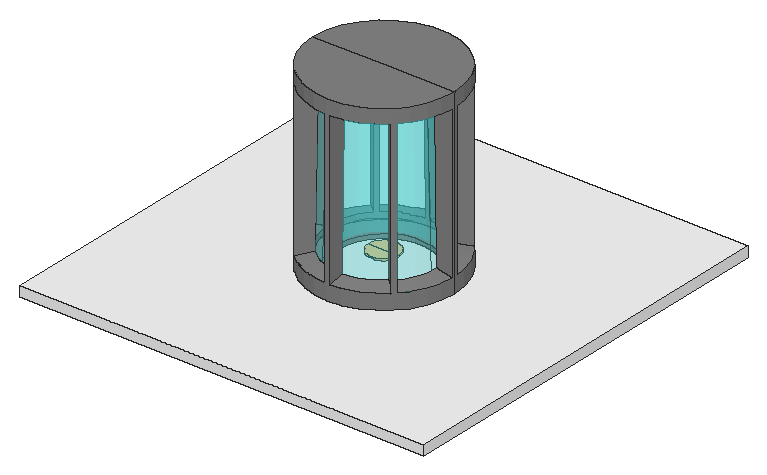
Revit family "BE_84682_de_DE", category Leuchten, Revit 2020
Family settings
  Basisbauteil = Fläche
  Bemaßung runder Anschluss = Durchmesser verwenden
  Teiletyp = Normal
  Beim Laden mit Abzugskörper schneiden = Ja
  Lichtquelle = Ja
  Gemeinsam genutzt = Nein
  Raumberechnungspunkt = Ja
Parameters (values of type "BEGA_84682_Grafit_K4")
  built-in parameter 1150104 = 10.013 (stored number, unit not read)
  Wattage = 9 W
  Default Elevation = 0 mm
  built-in parameter 1150113 = 1 (stored number, unit not read)
  built-in parameter 1114218 = 1 (stored number, unit not read)
  Umgebungstemperatur = "25 °C"
  URL = "https://www.bega.com/de/produkt/84682"
  Typenkommentare = "© 2022 BEGA. Wir behalten uns das Recht vor, technische Änderungen ohne vorherige Ankündigung vorzunehmen."  # constant formula
  Type Image = 84682.png
  built-in parameter 1150134 = 12
  built-in parameter 1150109 = 1 (stored number, unit not read)
  Strom = ""
  built-in parameter 1150110 = 1 (stored number, unit not read)
  Spannung = 239.996 V
  Sonderanfertigung = no
  Seriennummer [instance] = "Hier können Sie die eindeutige Seriennummer für das Facility Management eintragen."
  Schutzklasse = "I"
  Schutzart = "IP 65"
  Scheinlast = 0 VA
  Produktdatenblatt = "https://cdn.bega.com/bega/products/84682K4/current/documents/data-sheets/de"
  Oberflächentemperatur = ""
  Neigungswinkel = 0.00°
  Modell = "84682K4"
  Material_18 = BEGA_Gummi_schwarz
  Material_17 = BEGA_Reflektor
  Material_15 = BEGA_Leuchtmedium_matt
  Material_11 = BEGA_Glas_opal
  Material_09 = BEGA_Glas_klar
  Material_06 = BEGA_Oberfläche_Edelstahl_gebürstet
  Material_03 = BEGA_Oberfläche_Weiss_matt
  Material_02 = BEGA_Oberfläche_Silber_matt
  Material_01 [instance] = BEGA_Oberfläche_Grafit_matt
  M_W = no
  M_G = yes
  M_A = no
  Logo = 0
  built-in parameter 1114217 = 1 (stored number, unit not read)
  built-in parameter 1150139 = (empty or 0)
  built-in parameter 1150105 = 77.192 (stored number, unit not read)
  built-in parameter 1150114 = 1 (stored number, unit not read)
  Lumens = 970.02 lm
  built-in parameter 1150115 = 1 (stored number, unit not read)
  Leuchtenlichtstrom = "492 lm"
  Leuchtenanzahl = ""
  Lebensdauerkriterien = "L70B50 @ 25 °C = 200000 h"
  Lastklassifizierung = Beleuchtung
  built-in parameter 1150112 = 1 (stored number, unit not read)
  Lampenlichtstrom = "1095 lm"
  Lampe = "LED 5.9 W"
  LED_Modulbezeichnung = "LED-0557/840"
  built-in parameter 1150142 = (empty or 0)
  Hersteller = "BEGA"  # constant formula
  Halbstreuwinkel = ""
  Gewicht = "2.7 kg"
  Gebrauchslageneinschränkung [instance] = ""
  Frequenz = "0/50-60 Hz"
  Farbwiedergabeindex = "CRI > 80"
  Farbtemperaturverschiebung bei Dämpfen der Lampe = <Keine Auswahl>
  Farbtemperatur = "4000 K"
  Color Filter = 16777215
  built-in parameter 1150133 = 10 (stored number, unit not read)
  Energieeffizienzklasse = "LED A++ - A"
  built-in parameter 1150137 = (empty or 0)
  built-in parameter 1150132 = (empty or 0)
  ENEC = "ja"
  Dimmbar [instance] = "on/off"
  Datei für fotometrisches Netz = "BE_84682K4.IES"
  CE_Konformität = "ja"
  Bestellnummer = "84682K4"
  Beschreibung_Sonderanfertigung = "Hier können Sie Informationen zur Sonderanfertigung eintragen."
  Beschreibung = "Pollerleuchtenkopf"
  built-in parameter 1150106 = 0.77192 (stored number, unit not read)
  Befestigungsbohrung = ""
  Befestigungsabstand = ""
  Ballwurfsicher = ""
  BEGA_Intern_aus = yes
  BEGA_Intern_an = yes
  BEGA_Intern_Konstruktion = yes
  BEGA_Intern = yes
  BEGA_IES = yes
  BEGA_Dummy = no
  Anschlussleitung = "1.0 m H05VV-F 3 G 1²"
  Anschlussleistung [instance] = "7 W"
  built-in parameter 1150107 = 4000 (stored number, unit not read)
  built-in parameter 1150102 = (empty or 0)
  built-in parameter 1150138 = (empty or 0)
  Aktualisierung = "2022-05-19T04:00:07"
  Abstand_zur_angestrahlten_Fläche [instance] = ""
  AC/DC = "AC/DC"
Types (4, lengths in mm): name | built-in parameter 1150104 | built-in parameter 1150134 | Modell | M_G | M_A | built-in parameter 1150105 | Lumens | Leuchtenlichtstrom | Lampenlichtstrom | LED_Modulbezeichnung | Farbtemperatur | Datei für fotometrisches Netz | Bestellnummer | built-in parameter 1150106 | built-in parameter 1150107
  BEGA_84682_Silber_K4 | 10.013 (stored number, unit not read) | 12 | "84682AK4" | no | yes | 77.192 (stored number, unit not read) | 970.02 lm | "492 lm" | "1095 lm" | "LED-0557/840" | "4000 K" | "BE_84682K4.IES" | "84682AK4" | 0.77192 (stored number, unit not read) | 4000 (stored number, unit not read)
  BEGA_84682_Silber_K3 | 9.4455 (stored number, unit not read) | (empty or 0) | "84682AK3" | no | yes | 72.816 (stored number, unit not read) | 915.03 lm | "486 lm" | "1080 lm" | "LED-0557/830" | "3000 K" | "BE_84682K3.IES" | "84682AK3" | 0.72816 (stored number, unit not read) | 3000 (stored number, unit not read)
  BEGA_84682_Grafit_K4 | 10.013 (stored number, unit not read) | 12 | "84682K4" | yes | no | 77.192 (stored number, unit not read) | 970.02 lm | "492 lm" | "1095 lm" | "LED-0557/840" | "4000 K" | "BE_84682K4.IES" | "84682K4" | 0.77192 (stored number, unit not read) | 4000 (stored number, unit not read)
  BEGA_84682_Grafit_K3 | 9.4455 (stored number, unit not read) | (empty or 0) | "84682K3" | yes | no | 72.816 (stored number, unit not read) | 915.03 lm | "486 lm" | "1080 lm" | "LED-0557/830" | "3000 K" | "BE_84682K3.IES" | "84682K3" | 0.72816 (stored number, unit not read) | 3000 (stored number, unit not read)
Reference planes
  plane 1 "Mitte (Vorne/Hinten)": y = 0
  plane 2: z = 0
  plane 3 "Mitte (Links/Rechts)": x = 0
  plane 4 "Links": x = -70
  plane 5 "Rechts": x = 70
  plane 6 "Unten": y = -69.957
  plane 7 "Oben": y = 69.957
  plane 8 "Vorne": z = 178.7
  plane 9 "Hinten": z = -135.769
Forms (mm)
  Extrusion 1, solid, material "BEGA_Platte_Weiss"
    sketch origin (0, -1119.2, 0) x (1, 0, 0) y (0, 1, 0)
      loop
        line (-200, 1319.2) -> (-200, 919.2) -> (200, 919.2) -> (200, 1319.2) -> (-200, 1319.2)
    from 0 to -10
  Extrusion 2, solid, material "BEGA_Dummy_matt", visible <- "BEGA_Dummy"
    sketch origin (77.149, -76.023, 0) x (1, 0, 0) y (0, 1, 0)
      loop
        circle (-77.149, 76.023) r 70
    from 0 to 178.7
Dimensions and locks
  plane 1 "Mitte (Vorne/Hinten)" to Extrusion 1 = 200 mm
  aligned and locked: plane 2 to Extrusion 1
  aligned and locked: level to Extrusion 1
Nested families
  nested 1: "BE_84682" at (0, 0, 0), type "BE_84682"
Connectors
  electrical at (0, 0, 0), driven by "Lastklassifizierung", driven by "Spannung", driven by "Scheinlast"
    settings: index 1, voltage 239.996 V, apparent load 0 VA, apparent load phase1 0 VA, apparent load phase2 0 VA, apparent load phase3 0 VA, power factor 1, load classification "Beleuchtung", number of poles 1, system type 31, power factor state 1, is connector primary yes, connector utility no, sub classification motor no, connector description ""
Definition of nested family "BE_84682"
  Parameters (values of type "BE_84682")
    Default Elevation = 1 mm
    URL = "http://www.bega.de/de/produkt"
    Type Comments = "© 2015 BEGA. Wir behalten uns das Recht vor, technische Änderungen ohne vorherige Ankündigung vorzunehmen. "  # constant formula
    Type Image = (empty or 0)
    Material_18 = none
    Material_17 = none
    Material_15 = none
    Material_11 = none
    Material_09 = none
    Material_06 = none
    Material_03 = none
    Material_02 = none
    Material_01 = none
    M_W = yes
    M_G = yes
    M_A = yes
    Länge_Platte = 200 mm  # constant formula
    Höhe_Platte = -10 mm  # constant formula
    Manufacturer = "BEGA"  # constant formula
    Breite_Platte = 200 mm  # constant formula
  Reference planes
    plane 1 "Mitte (Oben/Unten)": y = 0
    plane 2: z = 0
    plane 3 "Mitte (Links/Rechts)": x = 0
    plane 4 "Links": x = -70
    plane 5 "Unten": y = -69.957
    plane 6: x = 70
    plane 7: z = -135.769
    plane 8: z = 178.7
    plane 9: y = 69.957
  Forms (mm)
    Extrusion 1, solid, detail levels medium
      sketch origin (0, 0, 0) x (1, 0, 0) y (0, 1, 0)
        loop
          line (-100, 100) -> (-100, -100) -> (100, -100) -> (100, 100) -> (-100, 100)
      from 0 to -10 <- "Höhe_Platte"
    Revolve 2, solid, material <- "Material_01", detail levels medium+fine
      sketch origin (0, 0, 0) x (1, 0, 0) y (0, 0, 1)
        loop
          line (-13.727, -128.572) -> (-11.6, -129.669) -> (-11.6, -130.769)
          arc (-11.6, -130.769) -> (-10.136, -134.304) -> (-6.6, -135.769) r 5
          line (-6.6, -135.769) -> (0, -135.769) -> (0, -98.5) -> (-13.485, -98.5) -> (-13.485, -111.5) -> (-9.6, -111.5) -> (-9.6, -117.669) -> (-13.867, -117.669) -> (-13.868, -128.501)
        axis (0, -98.5) -> (0, -135.769)
      angle from 0 to 360
    Revolve 3, solid, material <- "Material_01", visible <- "M_G", detail levels medium+fine
      sketch origin (0, 0, 0) x (1, 0, 0) y (0, 0, 1)
        loop
          line (-33.8, -57.5) -> (-29.3, -57.5) -> (-28.596, -97.842)
          arc (-28.596, -97.842) -> (-27.849, -99.583) -> (-26.096, -100.3) r 2.5
          line (-26.096, -100.3) -> (0, -100.3) -> (0, -98.5) -> (-24.749, -98.5)
          arc (-24.749, -98.5) -> (-26.151, -97.926) -> (-26.749, -96.535) r 2
          line (-26.749, -96.535) -> (-27.5, -53.5) -> (-33.87, -53.5) -> (-33.8, -57.5)
        axis (0, -100.3) -> (0, -53.5)
      angle from 0 to 360
    Revolve 4, solid, material <- "Material_01", visible <- "M_G", detail levels medium+fine
      sketch origin (0, 0, 0) x (1, 0, 0) y (0, 0, 1)
        loop
          line (-66.8, 0) -> (-64.788, -0.07) -> (-63.389, -8) -> (-57, -8.223) -> (-57, -26.7) -> (-60, -29.7) -> (-60, -32.2) -> (-46.792, -32.2) -> (-46.446, -42.098)
          arc (-46.446, -42.098) -> (-46.236, -42.929) -> (-45.698, -43.595) r 2
          line (-45.698, -43.595) -> (-43.935, -45) -> (-32.5, -45) -> (-32.203, -53.5) -> (-29.5, -53.5) -> (-28.688, -38) -> (-42.929, -38) -> (-44.395, 4) -> (-66.8, 4) -> (-66.8, 0)
        axis (0, -53.5) -> (0, 4)
      angle from 0 to 360
    Revolve 5, solid, material <- "Material_01", visible <- "M_G", detail levels medium+fine
      sketch origin (0, 0, 0) x (1, 0, 0) y (0, 0, 1)
        loop
          line (-67.162, 12.2) -> (-54.1, 12.2) -> (-51.264, 174.7) -> (0, 174.7) -> (0, 178.7) -> (-70, 178.7) -> (-70, 0) -> (-67.375, 0) -> (-67.162, 12.2)
        axis (0, 0) -> (0, 178.7)
      angle from 0 to 360
    Revolve 6, void
      sketch origin (0, 0, 0) x (1, 0, 0) y (0, 0, 1)
        loop
          line (-70, 14.991) -> (-54.002, 17.812) -> (-51.484, 162.059) -> (-70, 164.991) -> (-70, 14.991)
        axis (0, 164.991) -> (0, 14.991)
      angle from 43 to 2
    Revolve 7, void
      sketch origin (0, 0, 0) x (0.707107, -0.707107, 0) y (0, 0, 1)
        loop
          line (-70, 14.991) -> (-54.002, 17.812) -> (-51.484, 162.059) -> (-70, 164.991) -> (-70, 14.991)
        axis (0, 164.991) -> (0, 14.991)
      angle from 43 to 2
    Revolve 8, void
      sketch origin (0, 0, 0) x (0.707107, 0.707107, 0) y (0, 0, 1)
        loop
          line (-70, 14.991) -> (-54.002, 17.812) -> (-51.484, 162.059) -> (-70, 164.991) -> (-70, 14.991)
        axis (0, 164.991) -> (0, 14.991)
      angle from 43 to 2
    Revolve 9, void
      sketch origin (0, 0, 0) x (0, 1, 0) y (0, 0, 1)
        loop
          line (-70, 14.991) -> (-54.002, 17.812) -> (-51.484, 162.059) -> (-70, 164.991) -> (-70, 14.991)
        axis (0, 164.991) -> (0, 14.991)
      angle from 43 to 2
    Revolve 10, void
      sketch origin (0, 0, 0) x (-0.707107, 0.707107, 0) y (0, 0, 1)
        loop
          line (-70, 14.991) -> (-54.002, 17.812) -> (-51.484, 162.059) -> (-70, 164.991) -> (-70, 14.991)
        axis (0, 164.991) -> (0, 14.991)
      angle from 43 to 2
    Revolve 11, void
      sketch origin (0, 0, 0) x (-1, 0, 0) y (0, 0, 1)
        loop
          line (-70, 14.991) -> (-54.002, 17.812) -> (-51.484, 162.059) -> (-70, 164.991) -> (-70, 14.991)
        axis (0, 164.991) -> (0, 14.991)
      angle from 43 to 2
    Revolve 12, void
      sketch origin (0, 0, 0) x (-0.707107, -0.707107, 0) y (0, 0, 1)
        loop
          line (-70, 14.991) -> (-54.002, 17.812) -> (-51.484, 162.059) -> (-70, 164.991) -> (-70, 14.991)
        axis (0, 164.991) -> (0, 14.991)
      angle from 43 to 2
    Revolve 13, void
      sketch origin (0, 0, 0) x (0, -1, 0) y (0, 0, 1)
        loop
          line (-70, 14.991) -> (-54.002, 17.812) -> (-51.484, 162.059) -> (-70, 164.991) -> (-70, 14.991)
        axis (0, 164.991) -> (0, 14.991)
      angle from 43 to 2
    Revolve 14, solid, material <- "Material_09", detail levels medium+fine
      sketch origin (0, 0, 0) x (1, 0, 0) y (0, 0, 1)
        loop
          arc (-47.544, 173.2) -> (-49.647, 172.34) -> (-50.544, 170.252) r 3
          line (-50.544, 170.252) -> (-53.5, 0.9) -> (-47.5, 0.9) -> (-43.403, 157.357)
          arc (-43.403, 157.357) -> (-41.589, 161.498) -> (-37.403, 163.2) r 6
          line (-37.403, 163.2) -> (0, 163.2) -> (0, 173.2) -> (-47.544, 173.2)
        axis (0, 173.2) -> (0, 0.9)
      angle from 0 to 360
    Revolve 15, solid, material <- "Material_15", detail levels medium+fine
      sketch origin (0, 0, 0) x (1, 0, 0) y (0, 0, 1)
        loop
          line (-15, 14.55) -> (-15, 13.397) -> (0, 13.397) -> (0, 14.55) -> (-15, 14.55)
        axis (0, 14.55) -> (0, 13.397)
      angle from 0 to 360
    Revolve 16, solid, material <- "Material_02", visible <- "M_A", detail levels medium+fine
      sketch origin (0, 0, 0) x (1, 0, 0) y (0, 0, 1)
        loop
          line (-33.8, -57.5) -> (-29.3, -57.5) -> (-28.596, -97.842)
          arc (-28.596, -97.842) -> (-27.849, -99.583) -> (-26.096, -100.3) r 2.5
          line (-26.096, -100.3) -> (0, -100.3) -> (0, -98.5) -> (-24.749, -98.5)
          arc (-24.749, -98.5) -> (-26.151, -97.926) -> (-26.749, -96.535) r 2
          line (-26.749, -96.535) -> (-27.5, -53.5) -> (-33.87, -53.5) -> (-33.8, -57.5)
        axis (0, -100.3) -> (0, -53.5)
      angle from 0 to 360
    Revolve 17, solid, material <- "Material_02", visible <- "M_A", detail levels medium+fine
      sketch origin (0, 0, 0) x (1, 0, 0) y (0, 0, 1)
        loop
          line (-66.8, 0) -> (-64.788, -0.07) -> (-63.389, -8) -> (-57, -8.223) -> (-57, -26.7) -> (-60, -29.7) -> (-60, -32.2) -> (-46.792, -32.2) -> (-46.446, -42.098)
          arc (-46.446, -42.098) -> (-46.236, -42.929) -> (-45.698, -43.595) r 2
          line (-45.698, -43.595) -> (-43.935, -45) -> (-32.5, -45) -> (-32.203, -53.5) -> (-29.5, -53.5) -> (-28.688, -38) -> (-42.929, -38) -> (-44.395, 4) -> (-66.8, 4) -> (-66.8, 0)
        axis (0, -53.5) -> (0, 4)
      angle from 0 to 360
    Revolve 18, solid, material <- "Material_02", visible <- "M_A", detail levels medium+fine
      sketch origin (0, 0, 0) x (1, 0, 0) y (0, 0, 1)
        loop
          line (-67.162, 12.2) -> (-54.1, 12.2) -> (-51.264, 174.7) -> (0, 174.7) -> (0, 178.7) -> (-70, 178.7) -> (-70, 0) -> (-67.375, 0) -> (-67.162, 12.2)
        axis (0, 0) -> (0, 178.7)
      angle from 0 to 360
  Cuts and joins
    Revolve 6, Revolve 7, Revolve 8, Revolve 9, Revolve 10, Revolve 11, Revolve 12, Revolve 13 cuts Revolve 5
    Revolve 6, Revolve 7, Revolve 8, Revolve 9, Revolve 10, Revolve 11, Revolve 12, Revolve 13 cuts Revolve 18
  Dimensions and locks
    equal spacing: Extrusion 1 sketch curve, plane 3 "Mitte (Links/Rechts)", Extrusion 1 sketch curve
    equal spacing: Extrusion 1 sketch curve, plane 1 "Mitte (Oben/Unten)", Extrusion 1 sketch curve
    "Länge_Platte": Extrusion 1 sketch curve to Extrusion 1 sketch curve
    "Breite_Platte": Extrusion 1 sketch curve to Extrusion 1 sketch curve
    aligned and locked: Extrusion 1 to plane 2
    aligned and locked: level to Extrusion 1
  Automatic sketch dimensions
    Revolve 2 sketch curve to plane 3 "Mitte (Links/Rechts)" = 0 mm  (x2)
    Revolve 2 sketch curve to plane 3 "Mitte (Links/Rechts)" = 6.6 mm
    Revolve 2 sketch curve to plane 3 "Mitte (Links/Rechts)" = 9.6 mm
    Revolve 2 sketch curve to Revolve 2 sketch curve = 5 mm
    Revolve 2 sketch curve to Revolve 2 sketch curve = 3.885 mm
    Revolve 2 sketch curve to Revolve 2 sketch curve = 4.267 mm
    Revolve 2 sketch curve to Revolve 2 sketch curve = 1.1 mm
    Revolve 2 sketch curve to Revolve 2 sketch curve = 12 mm
    Revolve 2 sketch curve to Revolve 2 sketch curve = 6.169 mm
    Revolve 2 sketch curve to Revolve 2 sketch curve = 2.127 mm
    Revolve 2 sketch curve to Revolve 2 sketch curve = 0.141 mm
    Revolve 2 sketch curve to Revolve 2 sketch curve = 1.096 mm
    Revolve 2 sketch curve to Revolve 2 sketch curve = 0.071 mm
    Revolve 2 sketch curve to Revolve 2 sketch curve = 2 mm
    Revolve 2 sketch curve to Revolve 2 sketch curve = 0 mm
    Revolve 3 sketch curve to plane 3 "Mitte (Links/Rechts)" = 0 mm  (x2)
    Revolve 3 sketch curve to plane 3 "Mitte (Links/Rechts)" = 24.749 mm
    Revolve 3 sketch curve to Revolve 3 sketch curve = 1.347 mm  (x3)
    Revolve 3 sketch curve to Revolve 3 sketch curve = 0.653 mm
    Revolve 3 sketch curve to plane 3 "Mitte (Links/Rechts)" = 27.5 mm
    Revolve 3 sketch curve to Revolve 3 sketch curve = 1.847 mm
    Revolve 3 sketch curve to Revolve 3 sketch curve = 1.8 mm  (x2)
    Revolve 3 sketch curve to Revolve 3 sketch curve = 4.5 mm
    Revolve 3 sketch curve to Revolve 3 sketch curve = 0.07 mm
    Revolve 3 sketch curve to Revolve 3 sketch curve = 1.265 mm
    Revolve 3 sketch curve to Revolve 3 sketch curve = 39.035 mm
    Revolve 3 sketch curve to Revolve 3 sketch curve = 4 mm
    Revolve 3 sketch curve to Revolve 3 sketch curve = 0 mm  (x4)
    Revolve 4 sketch curve to plane 3 "Mitte (Links/Rechts)" = 0 mm
    Revolve 4 sketch curve to plane 3 "Mitte (Links/Rechts)" = 28.688 mm
    Revolve 4 sketch curve to Revolve 4 sketch curve = 0.812 mm
    Revolve 4 sketch curve to Revolve 4 sketch curve = 2.703 mm
    Revolve 4 sketch curve to Revolve 4 sketch curve = 3.812 mm
    Revolve 4 sketch curve to Revolve 4 sketch curve = 10.429 mm
    Revolve 4 sketch curve to Revolve 4 sketch curve = 1.006 mm
    level to Revolve 4 sketch curve = 4 mm
    Revolve 4 sketch curve to Revolve 4 sketch curve = 1.467 mm
    Revolve 4 sketch curve to Revolve 4 sketch curve = 0.513 mm
    Revolve 4 sketch curve to Revolve 4 sketch curve = 1.251 mm
    Revolve 4 sketch curve to Revolve 4 sketch curve = 0.748 mm
    Revolve 4 sketch curve to Revolve 4 sketch curve = 3.863 mm
    Revolve 4 sketch curve to Revolve 4 sketch curve = 10.208 mm
    Revolve 4 sketch curve to Revolve 4 sketch curve = 3 mm  (x2)
    Revolve 4 sketch curve to level = 8 mm
    Revolve 4 sketch curve to Revolve 4 sketch curve = 6.389 mm
    Revolve 4 sketch curve to level = 0.07 mm
    Revolve 4 sketch curve to Revolve 4 sketch curve = 1.398 mm
    level to Revolve 4 sketch curve = 0 mm
    Revolve 4 sketch curve to Revolve 4 sketch curve = 2.012 mm
    Revolve 4 sketch curve to Revolve 4 sketch curve = 0.223 mm
    Revolve 4 sketch curve to Revolve 4 sketch curve = 18.477 mm
    Revolve 4 sketch curve to Revolve 4 sketch curve = 5.5 mm  (x2)
    Revolve 4 sketch curve to Revolve 4 sketch curve = 5.8 mm
    Revolve 4 sketch curve to Revolve 4 sketch curve = 4.034 mm
    Revolve 4 sketch curve to Revolve 4 sketch curve = 0.064 mm
    Revolve 4 sketch curve to Revolve 4 sketch curve = 1.405 mm
    Revolve 4 sketch curve to Revolve 4 sketch curve = 8.5 mm
    Revolve 4 sketch curve to Revolve 4 sketch curve = 5 mm
    Revolve 5 sketch curve to level = 0 mm
    Revolve 5 sketch curve to plane 3 "Mitte (Links/Rechts)" = 0 mm  (x2)
    Revolve 5 sketch curve to plane 3 "Mitte (Links/Rechts)" = 51.264 mm
    level to Revolve 5 sketch curve = 12.2 mm  (x2)
    Revolve 5 sketch curve to plane 3 "Mitte (Links/Rechts)" = 54.1 mm
    Revolve 5 sketch curve to Revolve 5 sketch curve = 13.062 mm
    Revolve 5 sketch curve to Revolve 5 sketch curve = 0.213 mm
    Revolve 5 sketch curve to Revolve 5 sketch curve = 18.736 mm
    Revolve 5 sketch curve to Revolve 5 sketch curve = 4 mm
    level to Revolve 5 sketch curve = 21.785 mm
    Revolve 5 sketch curve to Revolve 5 sketch curve = 15 mm
    Revolve 6 sketch curve to Revolve 6 sketch curve = 15.998 mm
    Revolve 6 sketch curve to Revolve 6 sketch curve = 2.933 mm
    Revolve 6 sketch curve to Revolve 6 sketch curve = 57.059 mm
    Revolve 6 sketch curve to Revolve 6 sketch curve = 20 mm
    Revolve 6 sketch curve to Revolve 6 sketch curve = 18.516 mm
    Revolve 6 sketch curve to Revolve 6 sketch curve = 2.821 mm
    Revolve 6 sketch curve to Revolve 6 sketch curve = 144.246 mm
    Revolve 6 sketch curve to Revolve 6 sketch curve = 51.484 mm
    Revolve 7 sketch curve to Revolve 7 sketch curve = 15.998 mm
    Revolve 7 sketch curve to Revolve 7 sketch curve = 2.933 mm
    Revolve 7 sketch curve to Revolve 7 sketch curve = 57.059 mm
    Revolve 7 sketch curve to Revolve 7 sketch curve = 20 mm
    Revolve 7 sketch curve to Revolve 7 sketch curve = 18.516 mm
    Revolve 7 sketch curve to Revolve 7 sketch curve = 2.821 mm
    Revolve 7 sketch curve to Revolve 7 sketch curve = 144.246 mm
    Revolve 7 sketch curve to Revolve 7 sketch curve = 51.484 mm
    Revolve 8 sketch curve to Revolve 8 sketch curve = 15.998 mm
    Revolve 8 sketch curve to Revolve 8 sketch curve = 2.933 mm
    Revolve 8 sketch curve to Revolve 8 sketch curve = 57.059 mm
    Revolve 8 sketch curve to Revolve 8 sketch curve = 20 mm
    Revolve 8 sketch curve to Revolve 8 sketch curve = 18.516 mm
    Revolve 8 sketch curve to Revolve 8 sketch curve = 2.821 mm
    Revolve 8 sketch curve to Revolve 8 sketch curve = 144.246 mm
    Revolve 8 sketch curve to Revolve 8 sketch curve = 51.484 mm
    Revolve 9 sketch curve to Revolve 9 sketch curve = 15.998 mm
    Revolve 9 sketch curve to Revolve 9 sketch curve = 2.933 mm
    Revolve 9 sketch curve to Revolve 9 sketch curve = 57.059 mm
    Revolve 9 sketch curve to Revolve 9 sketch curve = 20 mm
    Revolve 9 sketch curve to Revolve 9 sketch curve = 18.516 mm
    Revolve 9 sketch curve to Revolve 9 sketch curve = 2.821 mm
    Revolve 9 sketch curve to Revolve 9 sketch curve = 144.246 mm
    Revolve 9 sketch curve to Revolve 9 sketch curve = 51.484 mm
    Revolve 10 sketch curve to Revolve 10 sketch curve = 15.998 mm
    Revolve 10 sketch curve to Revolve 10 sketch curve = 2.933 mm
    Revolve 10 sketch curve to Revolve 10 sketch curve = 57.059 mm
    Revolve 10 sketch curve to Revolve 10 sketch curve = 20 mm
    Revolve 10 sketch curve to Revolve 10 sketch curve = 18.516 mm
    Revolve 10 sketch curve to Revolve 10 sketch curve = 2.821 mm
    Revolve 10 sketch curve to Revolve 10 sketch curve = 144.246 mm
    Revolve 10 sketch curve to Revolve 10 sketch curve = 51.484 mm
    Revolve 11 sketch curve to Revolve 11 sketch curve = 15.998 mm
    Revolve 11 sketch curve to Revolve 11 sketch curve = 2.933 mm
    Revolve 11 sketch curve to Revolve 11 sketch curve = 57.059 mm
    Revolve 11 sketch curve to Revolve 11 sketch curve = 20 mm
    Revolve 11 sketch curve to Revolve 11 sketch curve = 18.516 mm
    Revolve 11 sketch curve to Revolve 11 sketch curve = 2.821 mm
    Revolve 11 sketch curve to Revolve 11 sketch curve = 144.246 mm
    Revolve 11 sketch curve to Revolve 11 sketch curve = 51.484 mm
    Revolve 12 sketch curve to Revolve 12 sketch curve = 15.998 mm
    Revolve 12 sketch curve to Revolve 12 sketch curve = 2.933 mm
    Revolve 12 sketch curve to Revolve 12 sketch curve = 57.059 mm
    Revolve 12 sketch curve to Revolve 12 sketch curve = 20 mm
    Revolve 12 sketch curve to Revolve 12 sketch curve = 18.516 mm
    Revolve 12 sketch curve to Revolve 12 sketch curve = 2.821 mm
    Revolve 12 sketch curve to Revolve 12 sketch curve = 144.246 mm
    Revolve 12 sketch curve to Revolve 12 sketch curve = 51.484 mm
    Revolve 13 sketch curve to Revolve 13 sketch curve = 15.998 mm
    Revolve 13 sketch curve to Revolve 13 sketch curve = 2.933 mm
    Revolve 13 sketch curve to Revolve 13 sketch curve = 57.059 mm
    Revolve 13 sketch curve to Revolve 13 sketch curve = 20 mm
    Revolve 13 sketch curve to Revolve 13 sketch curve = 18.516 mm
    Revolve 13 sketch curve to Revolve 13 sketch curve = 2.821 mm
    Revolve 13 sketch curve to Revolve 13 sketch curve = 144.246 mm
    Revolve 13 sketch curve to Revolve 13 sketch curve = 51.484 mm
    Revolve 6 sketch curve to plane 3 "Mitte (Links/Rechts)" = 0 mm
    level to Revolve 6 sketch curve = 14.991 mm
    Revolve 9 sketch curve to plane 1 "Mitte (Oben/Unten)" = 0 mm
    level to Revolve 9 sketch curve = 14.991 mm
    Revolve 11 sketch curve to plane 3 "Mitte (Links/Rechts)" = 0 mm
    level to Revolve 11 sketch curve = 14.991 mm
    Revolve 13 sketch curve to plane 1 "Mitte (Oben/Unten)" = 0 mm
    level to Revolve 13 sketch curve = 14.991 mm
    Revolve 14 sketch curve to plane 3 "Mitte (Links/Rechts)" = 0 mm  (x2)
    Revolve 14 sketch curve to plane 3 "Mitte (Links/Rechts)" = 37.403 mm
    level to Revolve 14 sketch curve = 0.9 mm
    Revolve 14 sketch curve to plane 3 "Mitte (Links/Rechts)" = 47.5 mm
    Revolve 14 sketch curve to Revolve 14 sketch curve = 10.142 mm
    Revolve 14 sketch curve to Revolve 14 sketch curve = 6 mm  (x2)
    Revolve 14 sketch curve to Revolve 14 sketch curve = 7 mm
    Revolve 14 sketch curve to Revolve 14 sketch curve = 10 mm  (x2)
    Revolve 14 sketch curve to Revolve 14 sketch curve = 5.998 mm
    Revolve 14 sketch curve to Revolve 14 sketch curve = 0.002 mm
    Revolve 14 sketch curve to Revolve 14 sketch curve = 0 mm  (x5)
    Revolve 14 sketch curve to Revolve 14 sketch curve = 3 mm
    Revolve 14 sketch curve to Revolve 14 sketch curve = 23.34 mm
    Revolve 14 sketch curve to Revolve 14 sketch curve = 0.052 mm
    Revolve 16 sketch curve to plane 3 "Mitte (Links/Rechts)" = 0 mm  (x2)
    Revolve 16 sketch curve to plane 3 "Mitte (Links/Rechts)" = 24.749 mm
    Revolve 16 sketch curve to Revolve 16 sketch curve = 1.347 mm  (x3)
    Revolve 16 sketch curve to Revolve 16 sketch curve = 0.653 mm
    Revolve 16 sketch curve to plane 3 "Mitte (Links/Rechts)" = 27.5 mm
    Revolve 16 sketch curve to Revolve 16 sketch curve = 1.847 mm
    Revolve 16 sketch curve to Revolve 16 sketch curve = 1.8 mm  (x2)
    Revolve 16 sketch curve to Revolve 16 sketch curve = 4.5 mm
    Revolve 16 sketch curve to Revolve 16 sketch curve = 0.07 mm
    Revolve 16 sketch curve to Revolve 16 sketch curve = 1.265 mm
    Revolve 16 sketch curve to Revolve 16 sketch curve = 39.035 mm
    Revolve 16 sketch curve to Revolve 16 sketch curve = 4 mm
    Revolve 16 sketch curve to Revolve 16 sketch curve = 0 mm  (x4)
    Revolve 17 sketch curve to plane 3 "Mitte (Links/Rechts)" = 0 mm
    Revolve 17 sketch curve to plane 3 "Mitte (Links/Rechts)" = 28.688 mm
    Revolve 17 sketch curve to Revolve 17 sketch curve = 0.812 mm
    Revolve 17 sketch curve to Revolve 17 sketch curve = 2.703 mm
    Revolve 17 sketch curve to Revolve 17 sketch curve = 3.812 mm
    Revolve 17 sketch curve to Revolve 17 sketch curve = 10.429 mm
    Revolve 17 sketch curve to Revolve 17 sketch curve = 1.006 mm
    level to Revolve 17 sketch curve = 4 mm
    Revolve 17 sketch curve to Revolve 17 sketch curve = 1.467 mm
    Revolve 17 sketch curve to Revolve 17 sketch curve = 0.513 mm
    Revolve 17 sketch curve to Revolve 17 sketch curve = 1.251 mm
    Revolve 17 sketch curve to Revolve 17 sketch curve = 0.748 mm
    Revolve 17 sketch curve to Revolve 17 sketch curve = 3.863 mm
    Revolve 17 sketch curve to Revolve 17 sketch curve = 10.208 mm
    Revolve 17 sketch curve to Revolve 17 sketch curve = 3 mm  (x2)
    Revolve 17 sketch curve to level = 8 mm
    Revolve 17 sketch curve to Revolve 17 sketch curve = 6.389 mm
    Revolve 17 sketch curve to level = 0.07 mm
    Revolve 17 sketch curve to Revolve 17 sketch curve = 1.398 mm
    level to Revolve 17 sketch curve = 0 mm
    Revolve 17 sketch curve to Revolve 17 sketch curve = 2.012 mm
    Revolve 17 sketch curve to Revolve 17 sketch curve = 0.223 mm
    Revolve 17 sketch curve to Revolve 17 sketch curve = 18.477 mm
    Revolve 17 sketch curve to Revolve 17 sketch curve = 5.5 mm  (x2)
    Revolve 17 sketch curve to Revolve 17 sketch curve = 5.8 mm
    Revolve 17 sketch curve to Revolve 17 sketch curve = 4.034 mm
    Revolve 17 sketch curve to Revolve 17 sketch curve = 0.064 mm
    Revolve 17 sketch curve to Revolve 17 sketch curve = 1.405 mm
    Revolve 17 sketch curve to Revolve 17 sketch curve = 8.5 mm
    Revolve 17 sketch curve to Revolve 17 sketch curve = 5 mm
    Revolve 18 sketch curve to level = 0 mm
    Revolve 18 sketch curve to plane 3 "Mitte (Links/Rechts)" = 0 mm  (x2)
    Revolve 18 sketch curve to plane 3 "Mitte (Links/Rechts)" = 51.264 mm
    level to Revolve 18 sketch curve = 12.2 mm  (x2)
    Revolve 18 sketch curve to plane 3 "Mitte (Links/Rechts)" = 54.1 mm
    Revolve 18 sketch curve to Revolve 18 sketch curve = 13.062 mm
    Revolve 18 sketch curve to Revolve 18 sketch curve = 0.213 mm
    Revolve 18 sketch curve to Revolve 18 sketch curve = 18.736 mm
    Revolve 18 sketch curve to Revolve 18 sketch curve = 4 mm
    level to Revolve 18 sketch curve = 21.785 mm
    Revolve 18 sketch curve to Revolve 18 sketch curve = 15 mm
    Revolve 2 sketch curve to level = 135.769 mm
    Revolve 2 sketch curve to Revolve 2 sketch curve = 13 mm
    Revolve 3 sketch curve to level = 100.3 mm
    Revolve 3 sketch curve to Revolve 3 sketch curve = 2.458 mm
    Revolve 3 sketch curve to Revolve 3 sketch curve = 0.7 mm
    Revolve 3 sketch curve to Revolve 3 sketch curve = 1.3 mm
    Revolve 16 sketch curve to level = 100.3 mm
    Revolve 16 sketch curve to Revolve 16 sketch curve = 2.458 mm
    Revolve 16 sketch curve to Revolve 16 sketch curve = 0.7 mm
    Revolve 16 sketch curve to Revolve 16 sketch curve = 1.3 mm
    Revolve 5 sketch curve to Revolve 5 sketch curve = 137.915 mm
    level to Revolve 7 sketch curve = 164.991 mm
    level to Revolve 8 sketch curve = 164.991 mm
    level to Revolve 10 sketch curve = 164.991 mm
    level to Revolve 12 sketch curve = 164.991 mm
    Revolve 14 sketch curve to Revolve 14 sketch curve = 156.3 mm
    Revolve 18 sketch curve to Revolve 18 sketch curve = 137.915 mm
    Revolve 15 sketch curve to plane 3 "Mitte (Links/Rechts)" = 0 mm  (x2)
    Revolve 15 sketch curve to Revolve 15 sketch curve = 15 mm
    level to Revolve 15 sketch curve = 13.397 mm
    Revolve 15 sketch curve to Revolve 15 sketch curve = 1.153 mm
    Revolve 15 sketch curve to Revolve 15 sketch curve = 0.314 mm
    Revolve 15 sketch curve to Revolve 15 sketch curve = 0.852 mm
